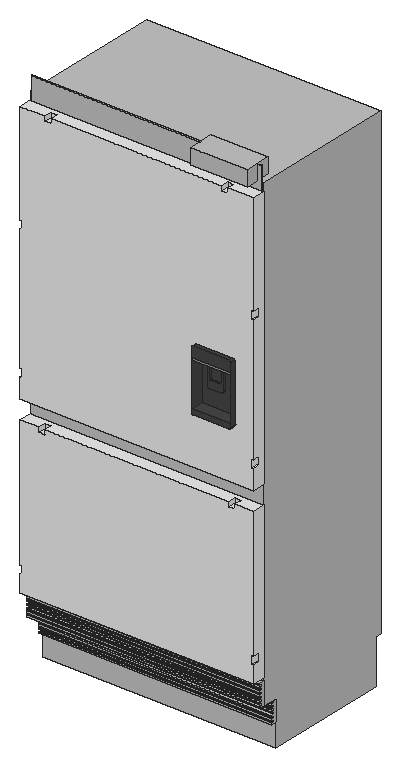
Revit family "FP_Revit_18_RS9120WRU1_Fridge_90001180A", category Specialty Equipment, Revit 2018
Family settings
  Round Connector Dimension = Use Diameter
  Part Type = Normal
  OmniClass Number = 23.40.40.11.11.17
  OmniClass Title = Refrigerator-Freezer
  Work Plane-Based = No
  Always vertical = Yes
  Cut with Voids When Loaded = Yes
  Shared = No
  Room Calculation Point = No
Parameters
  Visibility - Visibility Control Note = yes
  Visibility - Clearance Required = yes
  URL = "www.fisherpaykel.com"
  Stainless Steel Door Panels (RD9120WRU) = no
  Product - Width = 906 mm  # constant formula
  Product - Height = 2028 mm  # constant formula
  Product - Depth = 606 mm  # constant formula
  Model = "RS9120WRU1"
  Material - Door Structure = Fisher & Paykel - White
  Material - Door Front = Fisher & Paykel - Stainless Steel
  Material - Body = Fisher & Paykel - Grey
  Manufacturer = "Fisher & Paykel Appliances"
  Handle Style - Contemporary Square Fine Black (AHD5RD9120WB) = no
  Handle Style - Contemporary Square Fine (AHD5RD9120W) = no
  Handle Style - Contemporary Square (RS91W) = no
  Handle Style - Contemporary Round (25339 AHS-ASBI-B) = no
  Handle Offset = 870 mm  # constant formula
  Description = "91cm Integrated Refrigerator Freezer, Ice & Water"
  Connector Description - Water = "13mm or 19mm BSP threaded water connection 6.35mm tubing"
  Connector Description - Electrical = "230 V, 50Hz, 10 A, fused electrical supply"
  Chassis - Width = 890 mm  # constant formula
  Chassis - Height = 1970 mm  # constant formula
  Chassis - Depth = 606 mm  # constant formula
  Cavity - Width = 914 mm  # constant formula
  Cavity - Height = 2032 mm  # constant formula
  Cavity - Depth = 635 mm  # constant formula
Reference planes
  plane 1 "Datum": y = 0
  plane 2: z = 0
  plane 3 "Center (Left/Right)": x = 0
  plane 4 "Cavity - Depth": y = 635
  plane 5 "Product - Depth": y = 606
  plane 6 "Cavity - Height": z = 2032
  plane 7 "Door Panel 18mm": y = -18
  plane 8 "Product - RHS": x = 453
  plane 9 "Product - LHS": x = -453
  plane 10 "Product - Height": z = 2028
  plane 11 "Cavity - RHS": x = 457
  plane 12 "Cavity - LHS": x = -457
  plane 13 "Handle Offset": x = -388
Forms (mm)
  Extrusion 1, solid, material "Fisher & Paykel - Clearance Required", visible <- "Visibility - Clearance Required", detail levels coarse
    sketch origin (0, 0, 0) x (1, 0, 0) y (0, 1, 0)
      loop
        line (-457, 635) -> (-457, 0) -> (457, 0) -> (457, 635) -> (-457, 635)
    from 0 to 2032
  Extrusion 2, solid, material "Fisher & Paykel - Clearance Required", visible <- "Visibility - Clearance Required", detail levels coarse
    sketch origin (0, 0, 0) x (1, 0, 0) y (0, 1, 0)
      loop
        arc (-453, -18) -> (-45.989, -808.668) -> (841.563, -864.024) r 900.279
        line (841.563, -864.024) -> (817.765, -812.207) -> (854.623, -795.279) -> (848.228, -781.355) -> (811.37, -798.283) -> (453, -18) -> (-453, -18)
    from 877.998 to 2032
  Extrusion 3, solid, material "Fisher & Paykel - White" <- "Material - Door Structure"
    sketch origin (0, 0, 0) x (1, 0, 0) y (0, 0, 1)
      loop
        line (-445, 1939.998) -> (-445, 938.998) -> (445, 938.998) -> (445, 1939.998) -> (-445, 1939.998)
      loop
        line (-445, 867.998) -> (-445, 276.998) -> (445, 276.998) -> (445, 867.998) -> (-445, 867.998)
      loop
        arc (230.75, 1365.498) -> (225.093, 1363.155) -> (222.75, 1357.498) r 8
        line (222.75, 1357.498) -> (222.75, 1137.898)
        arc (222.75, 1137.898) -> (225.093, 1132.241) -> (230.75, 1129.898) r 8
        line (230.75, 1129.898) -> (365.25, 1129.898)
        arc (365.25, 1129.898) -> (370.907, 1132.241) -> (373.25, 1137.898) r 8
        line (373.25, 1137.898) -> (373.25, 1357.498)
        arc (373.25, 1357.498) -> (370.907, 1363.155) -> (365.25, 1365.498) r 8
        line (365.25, 1365.498) -> (230.75, 1365.498)
    from -50 to 0
  Extrusion 4, solid, material "Fisher & Paykel - Grey" <- "Material - Body"
    sketch origin (0, 0, 0) x (0, 1, 0) y (0, 0, 1)
      loop
        line (50, 181.998) -> (106, 181.998) -> (106, 12.998) -> (584, 12.998) -> (584, 181.998) -> (606, 181.998) -> (606, 1970) -> (50, 1970) -> (50, 181.998)
    from -445 to 445
  Extrusion 5, solid, material "Fisher & Paykel - Grey" <- "Material - Body", detail levels fine
    sketch origin (0, 0, 0) x (0, 1, 0) y (0, 0, 1)
      loop
        line (106, 176.998) -> (96, 176.998) -> (96, 170.998) -> (88, 170.998) -> (88, 165.998) -> (96, 165.998) -> (96, 157.998) -> (88, 157.998) -> (88, 152.998) -> (96, 152.998) -> (96, 144.998) -> (88, 144.998) -> (88, 139.998) -> (96, 139.998) -> (96, 131.998) -> (88, 131.998) -> (88, 126.998) -> (96, 126.998) -> (96, 118.998) -> (88, 118.998) -> (88, 113.998) -> (96, 113.998) -> (96, 105.998) -> (88, 105.998) -> (88, 100.998) -> (106, 100.998) -> (106, 176.998)
      loop
        line (32, 265.998) -> (32, 259.998) -> (40, 259.998) -> (40, 251.998) -> (32, 251.998) -> (32, 246.998) -> (40, 246.998) -> (40, 238.998) -> (32, 238.998) -> (32, 233.998) -> (40, 233.998) -> (40, 225.998) -> (32, 225.998) -> (32, 220.998) -> (40, 220.998) -> (40, 212.998) -> (32, 212.998) -> (32, 207.998) -> (40, 207.998) -> (40, 199.998) -> (32, 199.998) -> (32, 194.998) -> (40, 194.998) -> (40, 186.998) -> (32, 186.998) -> (32, 181.998) -> (50, 181.998) -> (50, 265.998) -> (32, 265.998)
    from -445 to 445
  Extrusion 6, void
    sketch origin (0, 0, 0) x (1, 0, 0) y (0, 0, 1)
      loop
        line (-373.5, 867.998) -> (-373.5, 851.998) -> (-350.5, 851.998) -> (-350.5, 867.998) -> (-373.5, 867.998)
      loop
        line (350.5, 867.998) -> (350.5, 851.998) -> (373.5, 851.998) -> (373.5, 867.998) -> (350.5, 867.998)
      loop
        line (445, 372.998) -> (437.8, 372.998) -> (437.8, 342.998) -> (445, 342.998) -> (445, 372.998)
      loop
        line (326.25, 1939.998) -> (326.25, 1923.398) -> (349.25, 1923.398) -> (349.25, 1939.998) -> (326.25, 1939.998)
      loop
        line (-349.25, 1939.998) -> (-349.25, 1923.398) -> (-326.184, 1923.398) -> (-326.184, 1939.998) -> (-349.25, 1939.998)
      loop
        line (445, 1522.498) -> (445, 1552.498) -> (437.8, 1552.498) -> (437.8, 1522.498) -> (445, 1522.498)
      loop
        line (437.8, 1044.998) -> (437.8, 1014.998) -> (445, 1014.998) -> (445, 1044.998) -> (437.8, 1044.998)
      loop
        line (-445, 372.998) -> (-445, 342.998) -> (-437.8, 342.998) -> (-437.8, 372.998) -> (-445, 372.998)
      loop
        line (-445, 1522.498) -> (-437.8, 1522.498) -> (-437.8, 1552.498) -> (-445, 1552.498) -> (-445, 1522.498)
      loop
        line (-437.8, 1044.998) -> (-445, 1044.998) -> (-445, 1014.998) -> (-437.8, 1014.998) -> (-437.8, 1044.998)
    from -27.955 to 0
  Extrusion 7, solid, material "Fisher & Paykel - Grey" <- "Material - Body", detail levels medium+fine
    sketch origin (0, 0, 0) x (1, 0, 0) y (0, 0, 1)
      loop
        line (205, 2027.998) -> (205, 1969.998) -> (422, 1969.998) -> (422, 2027.998) -> (205, 2027.998)
    from -98 to 0
  Extrusion 8, solid, material "Fisher & Paykel - Grey" <- "Material - Body", detail levels medium+fine
    sketch origin (0, 0, 0) x (1, 0, 0) y (0, 0, 1)
      loop
        line (439, 2027.998) -> (422, 2027.998) -> (422, 1969.998) -> (205, 1969.998) -> (205, 2027.998) -> (-439, 2027.998) -> (-439, 1939.998) -> (439, 1939.998) -> (439, 2027.998)
    from -48 to -46
  Extrusion 9, solid, material "Fisher & Paykel - Stainless Steel" <- "Material - Door Front", visible <- "Stainless Steel Door Panels (RD9120WRU)"
    sketch origin (0, 0, 0) x (1, 0, 0) y (0, 0, 1)
      loop
        line (-453, 2027.998) -> (-453, 877.998) -> (453, 877.998) -> (453, 2027.998) -> (-453, 2027.998)
      loop
        line (453, 873.998) -> (-453, 873.998) -> (-453, 101.998) -> (453, 101.998) -> (453, 873.998)
      loop
        arc (230.75, 1365.498) -> (225.093, 1363.155) -> (222.75, 1357.498) r 8
        line (222.75, 1357.498) -> (222.75, 1137.898)
        arc (222.75, 1137.898) -> (225.093, 1132.241) -> (230.75, 1129.898) r 8
        line (230.75, 1129.898) -> (365.25, 1129.898)
        arc (365.25, 1129.898) -> (370.907, 1132.241) -> (373.25, 1137.898) r 8
        line (373.25, 1137.898) -> (373.25, 1357.475)
        arc (373.25, 1357.475) -> (370.9, 1363.148) -> (365.227, 1365.498) r 8.023
        line (365.227, 1365.498) -> (230.75, 1365.498)
    from 0 to 18
  Extrusion 10, solid, material "Fisher & Paykel - Clearance Required", visible <- "Visibility - Clearance Required", detail levels coarse
    sketch origin (0, 0, 0) x (0, 1, 0) y (0, 0, 1)
      loop
        line (-18, 873.998) -> (-382, 873.998) -> (-382, 808.976) -> (-424, 808.976) -> (-424, 792.976) -> (-382, 792.976) -> (-382, 101.998) -> (-18, 101.998) -> (-18, 873.998)
    from -457 to 457
  Extrusion 11, solid, material "Fisher & Paykel - Grey" <- "Material - Body", detail levels medium+fine
    sketch origin (0, 0, 0) x (0, 1, 0) y (0, 0, 1)
      loop
        arc (115.288, 12.998) -> (136, 0) -> (156.712, 12.998) r 23.002
        line (156.712, 12.998) -> (115.288, 12.998)
      loop
        arc (518.288, 12.998) -> (539, 0) -> (559.712, 12.998) r 23.002
        line (559.712, 12.998) -> (518.288, 12.998)
    from 401.5 to 428.5
  Extrusion 12, solid, material "Fisher & Paykel - Grey" <- "Material - Body", detail levels medium+fine
    sketch origin (0, 0, 0) x (0, 1, 0) y (0, 0, -1)
      loop
        line (115.288, -12.998) -> (156.712, -12.998)
        arc (156.712, -12.998) -> (136, 0) -> (115.288, -12.998) r 23.002
      loop
        line (518.288, -12.998) -> (559.712, -12.998)
        arc (559.712, -12.998) -> (539, 0) -> (518.288, -12.998) r 23.002
    from 401.5 to 428.5
  Extrusion 13, solid, material "Fisher & Paykel - Grey" <- "Material - Body", detail levels medium+fine
    sketch origin (0, 0, 0) x (1, 0, 0) y (0, 0, 1)
      loop
        circle (300, 75) r 4
      loop
        circle (-300, 75) r 4
    from -606 to -584
  Extrusion 14, void
    sketch origin (0, 0, 0) x (1, 0, 0) y (0, 1, 0)
      loop
        line (-457, 0) -> (-457, -18) -> (457, -18) -> (457, 0) -> (-457, 0)
    from 0 to 2032
  Extrusion 15, void
    sketch origin (0, 0, 0) x (1, 0, 0) y (0, 1, 0)
      loop
        line (-457, 635) -> (-457, 0) -> (457, 0) -> (457, 635) -> (-457, 635)
    from 0 to 2032
Cuts and joins
  Extrusion 6 cuts Extrusion 2
  Extrusion 6 cuts Extrusion 3
Lines and regions (mm)
  model lines, style "Fisher & Paykel"
    curve 1: line (-453, 0, 2027.998) -> (453, 0, 2027.998)
    curve 2: line (-453, 0, 877.998) -> (-453, 0, 2027.998)
    curve 3: line (453, 0, 877.998) -> (-453, 0, 877.998)
    curve 4: line (453, 0, 2027.998) -> (453, 0, 877.998)
    curve 5: line (453, 0, 873.998) -> (-453, 0, 873.998)
    curve 6: line (453, 0, 101.998) -> (453, 0, 873.998)
    curve 7: line (-453, 0, 101.998) -> (453, 0, 101.998)
    curve 8: line (-453, 0, 873.998) -> (-453, 0, 101.998)
  model lines, style "Fisher & Paykel", not visible
    curve 9: line (-453, 0, 2027.998) -> (453, 0, 2027.998)
    curve 10: line (-453, 0, 877.998) -> (-453, 0, 2027.998)
    curve 11: line (453, 0, 877.998) -> (-453, 0, 877.998)
    curve 12: line (453, 0, 2027.998) -> (453, 0, 877.998)
    curve 13: line (453, 0, 873.998) -> (-453, 0, 873.998)
    curve 14: line (453, 0, 101.998) -> (453, 0, 873.998)
    curve 15: line (-453, 0, 101.998) -> (453, 0, 101.998)
    curve 16: line (-453, 0, 873.998) -> (-453, 0, 101.998)
Text (mm)
  text "Due to ongoing product development, product details are subject to change without notice. \nPlease always refer to www.fisherpaykel.com for the most current product information. \n© Fisher & Paykel 2020" at (41.04, -623.295, 0), in view "Ref. Level (Plan)"
Dimensions and locks
  "Chassis - Width": Extrusion 4 to Extrusion 4
  equal spacing: plane 9 "Product - LHS", plane 3 "Center (Left/Right)", plane 8 "Product - RHS"
  "Product - Width": plane 9 "Product - LHS" to plane 8 "Product - RHS"
  "Cavity - Height": plane 6 "Cavity - Height" to level
  "Product - Height": plane 10 "Product - Height" to level
  equal spacing: plane 12 "Cavity - LHS", plane 3 "Center (Left/Right)", plane 11 "Cavity - RHS"
  "Cavity - Width": plane 12 "Cavity - LHS" to plane 11 "Cavity - RHS"
  "Chassis - Depth": plane 5 "Product - Depth" to plane 1 "Datum"
  "Cavity - Depth": plane 4 "Cavity - Depth" to plane 1 "Datum"
  plane 5 "Product - Depth" to plane 7 "Door Panel 18mm" = 624 mm
  locked: plane 7 "Door Panel 18mm" to plane 1 "Datum" at 18
  plane 13 "Handle Offset" to plane 9 "Product - LHS" = 65 mm
  "Chassis - Height": Extrusion 4 to level
  aligned and locked: level to plane 2
  aligned and locked: plane 6 "Cavity - Height" to Extrusion 1
  aligned and locked: Extrusion 8 sketch curve to Extrusion 8 sketch curve
Automatic sketch dimensions
  plane 1 "Datum" to Extrusion 1 sketch curve = 0 mm
  Extrusion 1 sketch curve to plane 12 "Cavity - LHS" = 0 mm
  Extrusion 1 sketch curve to plane 11 "Cavity - RHS" = 0 mm
  Extrusion 1 sketch curve to plane 4 "Cavity - Depth" = 0 mm
  Extrusion 2 sketch curve to plane 7 "Door Panel 18mm" = 0 mm
  plane 9 "Product - LHS" to Extrusion 2 sketch curve = 0 mm
  Extrusion 2 sketch curve to plane 8 "Product - RHS" = 6.483 mm
  plane 8 "Product - RHS" to Extrusion 2 sketch curve = 0 mm
  plane 11 "Cavity - RHS" to Extrusion 2 sketch curve = 354.37 mm
  Extrusion 2 sketch curve to Extrusion 2 sketch curve = 6.395 mm  (x2)
  Extrusion 2 sketch curve to Extrusion 2 sketch curve = 23.799 mm
  Extrusion 2 sketch curve to Extrusion 2 sketch curve = 36.858 mm
  Extrusion 2 sketch curve to plane 7 "Door Panel 18mm" = 37.049 mm
  Extrusion 3 sketch curve to plane 9 "Product - LHS" = 8 mm  (x2)
  plane 3 "Center (Left/Right)" to Extrusion 3 sketch curve = 222.75 mm
  Extrusion 3 sketch curve to Extrusion 3 sketch curve = 8 mm  (x3)
  Extrusion 3 sketch curve to plane 8 "Product - RHS" = 87.75 mm  (x2)
  Extrusion 3 sketch curve to plane 8 "Product - RHS" = 8 mm  (x2)
  level to Extrusion 3 sketch curve = 276.998 mm
  Extrusion 3 sketch curve to Extrusion 3 sketch curve = 591 mm
  Extrusion 3 sketch curve to Extrusion 3 sketch curve = 71 mm
  Extrusion 3 sketch curve to Extrusion 3 sketch curve = 190.9 mm
  Extrusion 3 sketch curve to Extrusion 3 sketch curve = 219.6 mm
  Extrusion 3 sketch curve to plane 10 "Product - Height" = 88.002 mm
  Extrusion 4 sketch curve to plane 5 "Product - Depth" = 0 mm
  Extrusion 4 sketch curve to plane 5 "Product - Depth" = 22 mm
  level to Extrusion 4 sketch curve = 12.998 mm
  Extrusion 4 sketch curve to plane 1 "Datum" = 106 mm
  Extrusion 4 sketch curve to plane 1 "Datum" = 50 mm
  Extrusion 4 sketch curve to Extrusion 4 sketch curve = 169 mm  (x2)
  Extrusion 4 sketch curve to plane 10 "Product - Height" = 58 mm
  Extrusion 5 sketch curve to plane 1 "Datum" = 32 mm  (x2)
  Extrusion 5 sketch curve to Extrusion 5 sketch curve = 0 mm  (x19)
  Extrusion 5 sketch curve to Extrusion 5 sketch curve = 8 mm  (x14)
  Extrusion 5 sketch curve to Extrusion 5 sketch curve = 10 mm  (x2)
  Extrusion 5 sketch curve to Extrusion 5 sketch curve = 38 mm
  level to Extrusion 5 sketch curve = 100.998 mm
  Extrusion 5 sketch curve to Extrusion 5 sketch curve = 5 mm  (x12)
  Extrusion 5 sketch curve to Extrusion 5 sketch curve = 6 mm  (x2)
  Extrusion 5 sketch curve to Extrusion 5 sketch curve = 11 mm
  Extrusion 6 sketch curve to plane 9 "Product - LHS" = 8 mm  (x3)
  Extrusion 6 sketch curve to Extrusion 6 sketch curve = 7.2 mm  (x6)
  plane 13 "Handle Offset" to Extrusion 6 sketch curve = 14.5 mm
  Extrusion 6 sketch curve to Extrusion 6 sketch curve = 23 mm  (x3)
  plane 13 "Handle Offset" to Extrusion 6 sketch curve = 38.75 mm
  Extrusion 6 sketch curve to Extrusion 6 sketch curve = 23.066 mm
  Extrusion 6 sketch curve to plane 8 "Product - RHS" = 126.75 mm
  Extrusion 6 sketch curve to plane 8 "Product - RHS" = 102.5 mm
  Extrusion 6 sketch curve to plane 8 "Product - RHS" = 15.2 mm  (x3)
  level to Extrusion 6 sketch curve = 342.998 mm  (x2)
  Extrusion 6 sketch curve to Extrusion 6 sketch curve = 30 mm  (x6)
  Extrusion 6 sketch curve to Extrusion 6 sketch curve = 479 mm  (x2)
  Extrusion 6 sketch curve to Extrusion 6 sketch curve = 16 mm  (x2)
  Extrusion 6 sketch curve to Extrusion 6 sketch curve = 147 mm  (x2)
  Extrusion 6 sketch curve to Extrusion 6 sketch curve = 477.5 mm  (x2)
  Extrusion 6 sketch curve to plane 10 "Product - Height" = 104.602 mm  (x2)
  Extrusion 6 sketch curve to Extrusion 6 sketch curve = 16.6 mm  (x2)
  Extrusion 7 sketch curve to plane 10 "Product - Height" = 58.002 mm
  plane 3 "Center (Left/Right)" to Extrusion 7 sketch curve = 205 mm
  Extrusion 7 sketch curve to plane 8 "Product - RHS" = 31 mm
  Extrusion 7 sketch curve to plane 10 "Product - Height" = 0.002 mm
  Extrusion 8 sketch curve to plane 9 "Product - LHS" = 14 mm
  Extrusion 8 sketch curve to plane 10 "Product - Height" = 0.002 mm
  plane 3 "Center (Left/Right)" to Extrusion 8 sketch curve = 205 mm
  Extrusion 8 sketch curve to plane 8 "Product - RHS" = 31 mm
  Extrusion 8 sketch curve to plane 8 "Product - RHS" = 14 mm
  Extrusion 8 sketch curve to Extrusion 8 sketch curve = 58 mm
  Extrusion 8 sketch curve to Extrusion 8 sketch curve = 88 mm
  plane 9 "Product - LHS" to Extrusion 9 sketch curve = 0 mm  (x2)
  plane 3 "Center (Left/Right)" to Extrusion 9 sketch curve = 222.75 mm
  Extrusion 9 sketch curve to Extrusion 9 sketch curve = 8 mm  (x3)
  Extrusion 9 sketch curve to plane 8 "Product - RHS" = 87.773 mm
  Extrusion 9 sketch curve to plane 8 "Product - RHS" = 87.75 mm
  plane 8 "Product - RHS" to Extrusion 9 sketch curve = 0 mm  (x2)
  level to Extrusion 9 sketch curve = 101.998 mm
  Extrusion 9 sketch curve to Extrusion 9 sketch curve = 772 mm
  Extrusion 9 sketch curve to Extrusion 9 sketch curve = 4 mm
  Extrusion 9 sketch curve to Extrusion 9 sketch curve = 251.9 mm
  Extrusion 9 sketch curve to Extrusion 9 sketch curve = 219.577 mm
  Extrusion 9 sketch curve to plane 10 "Product - Height" = 0.002 mm
  Extrusion 10 sketch curve to plane 7 "Door Panel 18mm" = 0 mm
  Extrusion 10 sketch curve to Extrusion 10 sketch curve = 364 mm
  Extrusion 10 sketch curve to Extrusion 10 sketch curve = 0 mm
  Extrusion 10 sketch curve to Extrusion 10 sketch curve = 42 mm
  level to Extrusion 10 sketch curve = 101.998 mm
  Extrusion 10 sketch curve to Extrusion 10 sketch curve = 690.978 mm
  Extrusion 10 sketch curve to Extrusion 10 sketch curve = 16 mm
  Extrusion 10 sketch curve to Extrusion 10 sketch curve = 65.022 mm
  level to Extrusion 11 sketch curve = 12.998 mm  (x2)
  Extrusion 11 sketch curve to plane 1 "Datum" = 115.288 mm
  Extrusion 11 sketch curve to Extrusion 11 sketch curve = 20.712 mm  (x2)
  Extrusion 11 sketch curve to plane 5 "Product - Depth" = 87.712 mm
  level to Extrusion 11 sketch curve = 23.002 mm  (x2)
  level to Extrusion 12 sketch curve = 12.998 mm  (x2)
  Extrusion 12 sketch curve to plane 1 "Datum" = 115.288 mm
  Extrusion 12 sketch curve to Extrusion 12 sketch curve = 20.712 mm  (x2)
  Extrusion 12 sketch curve to plane 5 "Product - Depth" = 87.712 mm
  level to Extrusion 12 sketch curve = 23.002 mm  (x2)
  plane 13 "Handle Offset" to Extrusion 13 sketch curve = 88 mm
  level to Extrusion 13 sketch curve = 75 mm  (x2)
  Extrusion 13 sketch curve to plane 8 "Product - RHS" = 153 mm
  Extrusion 14 sketch curve to plane 7 "Door Panel 18mm" = 0 mm
  Extrusion 14 sketch curve to plane 12 "Cavity - LHS" = 0 mm
  Extrusion 14 sketch curve to plane 11 "Cavity - RHS" = 0 mm
  plane 1 "Datum" to Extrusion 14 sketch curve = 0 mm
  plane 1 "Datum" to Extrusion 15 sketch curve = 0 mm
  Extrusion 15 sketch curve to plane 12 "Cavity - LHS" = 0 mm
  Extrusion 15 sketch curve to plane 11 "Cavity - RHS" = 0 mm
  Extrusion 15 sketch curve to plane 4 "Cavity - Depth" = 0 mm
  radius of Extrusion 13 sketch curve = 4 mm  (x2)
Nested families
  nested 1: "F&P Handle Kit - Contemporary Square - Horizontal" at (0, -18, 800.998), visible <- "Handle Style - Contemporary Square (RS91W)", type "RS91W - Contemporary square handle (2 of 2) (Horizontal) 727mm"
  nested 2: "F&P Handle Kit - Contemporary Square - Vertical" at (-388.02, -18, 1306.498), visible <- "Handle Style - Contemporary Square (RS91W)", type "RS91W - Contemporary square handle (1 of 2) (Vertical) 727mm"
  nested 3: "F&P Handle Kit - Contemporary Square Fine - Horizontal" at (0, -18, 801.002), visible <- "Handle Style - Contemporary Square Fine (AHD5RD9120W)", type "AHD5RD9120W - Contemporary square fine handle (2 of 2) (Horizontal) 746mm"
  nested 4: "F&P Handle Kit - Contemporary Square Fine - Vertical" at (-388.02, -18, 1306.498), visible <- "Handle Style - Contemporary Square Fine (AHD5RD9120W)", type "AHD5RD9120W - Contemporary square fine handle (1 of 2) (Vertical) 727mm"
  nested 5: "F&P Handle Kit - Contemporary Square Fine - Horizontal" at (0, -18, 801.002), visible <- "Handle Style - Contemporary Square Fine Black (AHD5RD9120WB)", type "AHD5RD9120WB - Contemporary square fine handle (2 of 2) (Horizontal) 746mm"
  nested 6: "F&P Handle Kit - Contemporary Square Fine - Vertical" at (-388.02, -18, 1306.498), visible <- "Handle Style - Contemporary Square Fine Black (AHD5RD9120WB)", type "AHD5RD9120WB - Contemporary square fine handle (1 of 2) (Vertical) 727mm"
  nested 7: "F&P Handle Kit - Contemporary Round - Horizontal" at (0, -18, 801.002), visible <- "Handle Style - Contemporary Round (25339 AHS-ASBI-B)", type "25339 AHS-ASBI-B - Contemporary round handle (2 of 2) (Horizontal) 746mm"
  nested 8: "F&P Handle Kit - Contemporary Round - Vertical" at (-388.02, -18, 1306.498), visible <- "Handle Style - Contemporary Round (25339 AHS-ASBI-B)", type "25339 AHS-ASBI-B - Contemporary round handle (1 of 2) (Vertical) 727mm"
  nested 9: "F&P Water Dispenser" at (298, -18, 1129.898), type "F&P Water Dispenser"
  nested 10: "Visibility Control Note 18" at (0, 0, 0), visible <- "Visibility - Visibility Control Note", type "Visibility Control Note 18"
Connectors
  electrical at (300, 606, 75), driven by "Connector Description - Electrical"
    settings: on Extrusion 13, index 1, voltage 230 V, apparent load 0 VA, apparent load phase1 0 VA, apparent load phase2 0 VA, apparent load phase3 0 VA, power factor 1, load classification "Other", number of poles 1, system type 30, power factor state 1, is connector primary yes, connector utility no, sub classification motor no, connector description "230 V, 50Hz, 10 A, fused electrical supply"
  piping at (-300, 606, 75), diameter 6, driven by "Connector Description - Water"
    settings: on Extrusion 13, index 2, connector inside diameter 609.6 mm, connector length 0 mm, flow factor 0, pipe flow 0.0 L/s, pressure drop 0.0 Pa, fitting loss kfactor 0, connector angle 0.00°, fixture units 0, engagement length 0 mm, angle of deflection 0.00°, flow configuration 0, flow direction 1, fitting loss method 0, system type 20, joint type 0, gender type 0, connector reference index -1, connector utility 0, adjustable connector no, is connector primary yes, connector description "13mm or 19mm BSP threaded water connection 6.35mm tubing"
Definition of nested family "F&P Handle Kit - Contemporary Square - Horizontal"
  Parameters (values of type "RS91W - Contemporary square handle (2 of 2) (Horizontal) 727mm")
    URL = "www.fisherpaykel.com"
    Material - Handle = none
    Manufacturer = "Fisher & Paykel Appliances"
    Handle - Length = 727 mm
  Types (12, lengths in mm): name | Handle - Length
    (no name) | 727
    AHD3RD2484W - Contemporary square handle (2 of 2) (Horizontal) 494mm | 494
    AHD3RD3084W - Contemporary square handle (2 of 2) (Horizontal) 646mm | 646
    AHD3RS3272A - Contemporary square handle (2 of 2) (Horizontal) 646mm | 646
    AHD3RS80A - Contemporary square handle (2 of 2) (Horizontal) 646mm | 646
    AHD3RD6121W - Contemporary square handle (2 of 2) (Horizontal) 494mm | 494
    AHD3RD7621W - Contemporary square handle (2 of 2) (Horizontal) 646mm | 646
    RS36A - Contemporary square handle (2 of 2) (Horizontal) 746mm | 746
    RS90A - Contemporary square handle (2 of 2) (Horizontal) 746mm | 746
    RS36W - Contemporary square handle (2 of 2) (Horizontal) 727mm | 727
    RS36WC - Contemporary square handle (2 of 2) (Horizontal) 727mm | 727
    RS91W - Contemporary square handle (2 of 2) (Horizontal) 727mm | 727
  Reference planes
    plane 1 "Center (Front/Back)": y = 0
    plane 2: z = 0
    plane 3 "Center (Left/Right)": x = 0
    plane 4 "Product LHS": x = -363.5
    plane 5 "Product RHS": x = 363.5
    plane 6 "LHS Standoff": x = -243.495
    plane 7 "RHS Standoff": x = 243.505
  Forms (mm)
    Extrusion 1, solid, material <- "Material - Handle", detail levels fine
      sketch origin (0, 0, 0) x (0, 1, 0) y (0, 0, 1)
        loop
          arc (-28.701, 7.561) -> (-29.057, 7.868) -> (-29.514, 7.978) r 1
          line (-29.514, 7.978) -> (-40.5, 7.978)
          arc (-40.5, 7.978) -> (-41.561, 7.539) -> (-42, 6.478) r 1.5
          line (-42, 6.478) -> (-42, -6.522)
          arc (-42, -6.522) -> (-41.561, -7.583) -> (-40.5, -8.022) r 1.5
          line (-40.5, -8.022) -> (-29.487, -8.022)
          arc (-29.487, -8.022) -> (-29.029, -7.911) -> (-28.673, -7.602) r 1
          arc (-28.673, -7.602) -> (-26.256, -0.016) -> (-28.701, 7.561) r 13.038
      from -363.5 to 363.5
    Extrusion 2, solid, material <- "Material - Handle", detail levels fine
      sketch origin (0, 0, 0) x (0, 1, 0) y (0, 0, 1)
        loop
          arc (-28.23, 7.062) -> (-26.156, 0.008) -> (-28.198, -7.056) r 13.136
          arc (-28.198, -7.056) -> (-28.21, -7.463) -> (-27.86, -7.67) r 0.4
          line (-27.86, -7.67) -> (0, -7.67) -> (0, 7.678) -> (-27.893, 7.678)
          arc (-27.893, 7.678) -> (-28.244, 7.47) -> (-28.23, 7.062) r 0.4
      from 243.505 to 363.5
    Extrusion 3, solid, material <- "Material - Handle", detail levels fine
      sketch origin (0, 0, 0) x (0, 1, 0) y (0, 0, -1)
        loop
          arc (-28.23, -7.062) -> (-28.244, -7.47) -> (-27.893, -7.678) r 0.4
          line (-27.893, -7.678) -> (0, -7.678) -> (0, 7.67) -> (-27.86, 7.67)
          arc (-27.86, 7.67) -> (-28.21, 7.463) -> (-28.198, 7.056) r 0.4
          arc (-28.198, 7.056) -> (-26.156, -0.008) -> (-28.23, -7.062) r 13.136
      from 243.495 to 363.5
    Sweep 4, void
      path in 3D
        loop
          line (363.5, -29.514, 7.978) -> (363.5, -40.5, 7.978)
          arc (363.5, -40.5, 7.978) -> (363.5, -41.561, 7.539) -> (363.5, -42, 6.478) r 1.5
          line (363.5, -42, 6.478) -> (363.5, -42, -6.522)
          arc (363.5, -42, -6.522) -> (363.5, -41.561, -7.583) -> (363.5, -40.5, -8.022) r 1.5
          line (363.5, -40.5, -8.022) -> (363.5, -29.487, -8.022)
      profile origin (363.5, -35.007, 7.978) x (1, 0, 0) y (0, 0, 1)
        loop
          line (0, 0) -> (-1.3, 0) -> (0, -1.3) -> (0, 0)
    Sweep 5, void
      path in 3D
        loop
          line (-363.5, -29.487, -8.022) -> (-363.5, -40.5, -8.022)
          arc (-363.5, -40.5, -8.022) -> (-363.5, -41.561, -7.583) -> (-363.5, -42, -6.522) r 1.5
          line (-363.5, -42, -6.522) -> (-363.5, -42, 6.478)
          arc (-363.5, -42, 6.478) -> (-363.5, -41.561, 7.539) -> (-363.5, -40.5, 7.978) r 1.5
          line (-363.5, -40.5, 7.978) -> (-363.5, -29.514, 7.978)
      profile origin (-363.5, -35.007, 7.978) x (-1, 0, 0) y (0, 0, 1)
        loop
          line (0, 0) -> (-1.3, 0) -> (0, -1.3) -> (0, 0)
    Extrusion 6, void
      sketch origin (0, 0, 0) x (1, 0, 0) y (0, 0, 1)
        loop
          line (363.5, 7.978) -> (362.2, 7.978) -> (363.5, 6.678) -> (363.5, 7.978)
        loop
          line (363.5, -8.022) -> (363.5, -6.722) -> (362.2, -8.022) -> (363.5, -8.022)
      from 0 to 40
    Extrusion 7, void
      sketch origin (0, 0, 0) x (1, 0, 0) y (0, 0, 1)
        loop
          line (-363.5, 7.978) -> (-363.5, 6.678) -> (-362.2, 7.978) -> (-363.5, 7.978)
        loop
          line (-363.5, -8.022) -> (-362.2, -8.022) -> (-363.5, -6.722) -> (-363.5, -8.022)
      from 0 to 40
    Extrusion 8, solid, material <- "Material - Handle", detail levels coarse+medium
      sketch origin (0, 0, 0) x (1, 0, 0) y (0, 1, 0)
        loop
          line (-363.5, -42) -> (363.5, -42) -> (363.5, 0) -> (243.505, 0) -> (243.505, -26.156) -> (-243.495, -26.156) -> (-243.495, 0) -> (-363.5, 0) -> (-363.5, -42)
      from -8.022 to 7.978
  Cuts and joins
    Sweep 4, Sweep 5, Extrusion 6, Extrusion 7 cuts Extrusion 1
    Extrusion 6 cuts Extrusion 2
    Extrusion 7 cuts Extrusion 3
  Lines and regions (mm)
    sketch lines
      curve 1: line (363.5, -29.514, 7.978) -> (363.5, -40.5, 7.978)
      curve 2: arc (363.5, -42, 6.478) -> (363.5, -41.561, 7.539) -> (363.5, -40.5, 7.978) r 1.5
      curve 3: line (363.5, -42, 6.478) -> (363.5, -42, -6.522)
      curve 4: arc (363.5, -40.5, -8.022) -> (363.5, -41.561, -7.583) -> (363.5, -42, -6.522) r 1.5
      curve 5: line (363.5, -40.5, -8.022) -> (363.5, -29.487, -8.022)
      curve 6: line (-363.5, -40.5, 7.978) -> (-363.5, -29.514, 7.978)
      curve 7: arc (-363.5, -40.5, 7.978) -> (-363.5, -41.561, 7.539) -> (-363.5, -42, 6.478) r 1.5
      curve 8: line (-363.5, -42, -6.522) -> (-363.5, -42, 6.478)
      curve 9: arc (-363.5, -42, -6.522) -> (-363.5, -41.561, -7.583) -> (-363.5, -40.5, -8.022) r 1.5
      curve 10: line (-363.5, -29.487, -8.022) -> (-363.5, -40.5, -8.022)
  Dimensions and locks
    equal spacing: plane 4 "Product LHS", plane 3 "Center (Left/Right)", plane 5 "Product RHS"
    "Handle - Length": plane 4 "Product LHS" to plane 5 "Product RHS"
    locked: plane 4 "Product LHS" to plane 6 "LHS Standoff" at 120.005
    locked: plane 7 "RHS Standoff" to plane 5 "Product RHS" at 119.995
    aligned and locked: level to plane 2
    aligned and locked: Extrusion 1 to plane 5 "Product RHS"
    aligned and locked: plane 4 "Product LHS" to Extrusion 1
    aligned and locked: Extrusion 2 to plane 5 "Product RHS"
    aligned and locked: plane 4 "Product LHS" to Extrusion 3
    aligned and locked: plane 4 "Product LHS" to Extrusion 8 sketch curve
    aligned and locked: Extrusion 8 sketch curve to plane 5 "Product RHS"
    aligned and locked: Extrusion 8 sketch curve to plane 7 "RHS Standoff"
    aligned and locked: plane 6 "LHS Standoff" to Extrusion 8 sketch curve
    aligned and locked: Extrusion 2 to plane 7 "RHS Standoff"
    aligned and locked: plane 6 "LHS Standoff" to Extrusion 3
  Automatic sketch dimensions
    Extrusion 1 sketch curve to level = 6.522 mm
    plane 1 "Center (Front/Back)" to Extrusion 1 sketch curve = 42 mm
    Extrusion 1 sketch curve to Extrusion 1 sketch curve = 1.5 mm  (x2)
    Extrusion 1 sketch curve to level = 0.04 mm
    Extrusion 1 sketch curve to Extrusion 1 sketch curve = 1.206 mm
    level to Extrusion 1 sketch curve = 6.978 mm
    Extrusion 1 sketch curve to Extrusion 1 sketch curve = 10.986 mm
    Extrusion 1 sketch curve to Extrusion 1 sketch curve = 11.013 mm
    Extrusion 1 sketch curve to Extrusion 1 sketch curve = 1 mm
    level to Extrusion 1 sketch curve = 6.478 mm
    Extrusion 1 sketch curve to Extrusion 1 sketch curve = 0 mm
    Extrusion 2 sketch curve to plane 1 "Center (Front/Back)" = 0 mm
    Extrusion 2 sketch curve to level = 7.67 mm
    Extrusion 2 sketch curve to Extrusion 2 sketch curve = 27.86 mm
    level to Extrusion 2 sketch curve = 7.678 mm
    Extrusion 2 sketch curve to Extrusion 2 sketch curve = 0.033 mm
    Extrusion 2 sketch curve to level = 0.022 mm
    Extrusion 2 sketch curve to Extrusion 2 sketch curve = 11.398 mm
    Extrusion 2 sketch curve to Extrusion 2 sketch curve = 0.4 mm  (x2)
    Extrusion 2 sketch curve to Extrusion 2 sketch curve = 0 mm
    Extrusion 3 sketch curve to plane 1 "Center (Front/Back)" = 0 mm
    Extrusion 3 sketch curve to level = 7.67 mm
    Extrusion 3 sketch curve to Extrusion 3 sketch curve = 27.86 mm
    level to Extrusion 3 sketch curve = 7.678 mm
    Extrusion 3 sketch curve to Extrusion 3 sketch curve = 0.033 mm
    Extrusion 3 sketch curve to level = 0.022 mm
    Extrusion 3 sketch curve to Extrusion 3 sketch curve = 11.398 mm
    Extrusion 3 sketch curve to Extrusion 3 sketch curve = 0.4 mm  (x2)
    Extrusion 3 sketch curve to Extrusion 3 sketch curve = 0 mm
    profile plane to Sweep 4 sketch curve = 0 mm
    Sweep 4 sketch curve to profile plane = 0 mm
    Sweep 4 sketch curve to profile plane = 1.3 mm
    profile plane to Sweep 4 sketch curve = 1.3 mm
    Sweep 5 sketch curve to profile plane = 0 mm  (x2)
    profile plane to Sweep 5 sketch curve = 1.3 mm
    Sweep 5 sketch curve to profile plane = 1.3 mm
    plane 5 "Product RHS" to Extrusion 6 sketch curve = 0 mm  (x2)
    Extrusion 6 sketch curve to Extrusion 6 sketch curve = 1.3 mm  (x4)
    Extrusion 6 sketch curve to level = 6.722 mm
    level to Extrusion 6 sketch curve = 6.678 mm
    plane 4 "Product LHS" to Extrusion 7 sketch curve = 0 mm  (x2)
    Extrusion 7 sketch curve to plane 4 "Product LHS" = 1.3 mm  (x2)
    Extrusion 7 sketch curve to level = 8.022 mm
    level to Extrusion 7 sketch curve = 6.678 mm
    Extrusion 7 sketch curve to Extrusion 7 sketch curve = 1.3 mm  (x2)
    plane 1 "Center (Front/Back)" to Extrusion 8 sketch curve = 0 mm  (x2)
    Extrusion 8 sketch curve to Extrusion 8 sketch curve = 26.156 mm
    Extrusion 8 sketch curve to Extrusion 8 sketch curve = 42 mm
Definition of nested family "F&P Handle Kit - Contemporary Square - Vertical"
  Parameters (values of type "RS91W - Contemporary square handle (1 of 2) (Vertical) 727mm")
    URL = "www.fisherpaykel.com"
    Material - Handle = none
    Manufacturer = "Fisher & Paykel Appliances"
    Handle - Length = 727 mm
  Types (14, lengths in mm): name | Handle - Length
    (no name) | 727
    AHD3-RD21 - Contemporary square handle (Vertical) 852mm | 852
    AHD3RD2484W - Contemporary square handle (1 of 2) (Vertical) 727mm | 727
    AHD3RD3084W - Contemporary square handle (1 of 2) (Vertical) 727mm | 727
    AHD3-RD84 - Contemporary square handle (Vertical) 852mm | 852
    AHD3RS3272A - Contemporary square handle (1 of 2) (Vertical) 727mm | 727
    AHD3RS80A - Contemporary square handle (1 of 2) (Vertical) 727mm | 727
    AHD3RD6121W - Contemporary square handle (1 of 2) (Vertical) 727mm | 727
    AHD3RD7621W - Contemporary square handle (1 of 2) (Vertical) 727mm | 727
    RS36A - Contemporary square handle (1 of 2) (Vertical) 727mm | 727
    RS90A - Contemporary square handle (1 of 2) (Vertical) 727mm | 727
    RS36W - Contemporary square handle (1 of 2) (Vertical) 727mm | 727
    RS36WC - Contemporary square handle (1 of 2) (Vertical) 727mm | 727
    RS91W - Contemporary square handle (1 of 2) (Vertical) 727mm | 727
  Reference planes
    plane 1 "Center (Front/Back)": y = 0
    plane 2: z = 0
    plane 3 "Center (Left/Right)": x = 0
    plane 4 "Top": z = 363.5
    plane 5 "Bottom": z = -363.5
    plane 6 "Top Standoff": z = 243.5
    plane 7 "Bottom Standoff": z = -243.5
  Forms (mm)
    Extrusion 1, solid, material <- "Material - Handle", detail levels fine
      sketch origin (0, 0, 0) x (1, 0, 0) y (0, 1, 0)
        loop
          arc (-7.583, -28.701) -> (-7.89, -29.057) -> (-8, -29.514) r 1
          line (-8, -29.514) -> (-8, -40.5)
          arc (-8, -40.5) -> (-7.561, -41.561) -> (-6.5, -42) r 1.5
          line (-6.5, -42) -> (6.5, -42)
          arc (6.5, -42) -> (7.561, -41.561) -> (8, -40.5) r 1.5
          line (8, -40.5) -> (8, -29.487)
          arc (8, -29.487) -> (7.889, -29.029) -> (7.58, -28.673) r 1
          arc (7.58, -28.673) -> (-0.006, -26.256) -> (-7.583, -28.701) r 13.038
      from -363.5 to 363.5
    Extrusion 2, solid, material <- "Material - Handle", detail levels fine
      sketch origin (0, 0, 0) x (1, 0, 0) y (0, 1, 0)
        loop
          arc (7.058, -28.23) -> (7.466, -28.244) -> (7.674, -27.893) r 0.4
          line (7.674, -27.893) -> (7.674, 0) -> (-7.674, 0) -> (-7.674, -27.86)
          arc (-7.674, -27.86) -> (-7.467, -28.21) -> (-7.06, -28.198) r 0.4
          arc (-7.06, -28.198) -> (0.004, -26.156) -> (7.058, -28.23) r 13.136
      from 243.5 to 363.5
    Extrusion 3, solid, material <- "Material - Handle", detail levels fine
      sketch origin (0, 0, 0) x (1, 0, 0) y (0, 1, 0)
        loop
          arc (7.058, -28.23) -> (7.466, -28.244) -> (7.674, -27.893) r 0.4
          line (7.674, -27.893) -> (7.674, 0) -> (-7.674, 0) -> (-7.674, -27.86)
          arc (-7.674, -27.86) -> (-7.467, -28.21) -> (-7.06, -28.198) r 0.4
          arc (-7.06, -28.198) -> (0.004, -26.156) -> (7.058, -28.23) r 13.136
      from -363.5 to -243.5
    Sweep 4, void
      path in 3D
        loop
          line (-8, -29.514, 363.5) -> (-8, -40.5, 363.5)
          arc (-8, -40.5, 363.5) -> (-7.561, -41.561, 363.5) -> (-6.5, -42, 363.5) r 1.5
          line (-6.5, -42, 363.5) -> (6.5, -42, 363.5)
          arc (6.5, -42, 363.5) -> (7.561, -41.561, 363.5) -> (8, -40.5, 363.5) r 1.5
          line (8, -40.5, 363.5) -> (8, -29.487, 363.5)
      profile origin (8, -34.994, 363.5) x (-1, 0, 0) y (0, 0, 1)
        loop
          line (0, 0) -> (0, -1.3) -> (1.3, 0) -> (0, 0)
    Sweep 5, void
      path in 3D
        loop
          line (8, -29.487, -363.5) -> (8, -40.5, -363.5)
          arc (8, -40.5, -363.5) -> (7.561, -41.561, -363.5) -> (6.5, -42, -363.5) r 1.5
          line (6.5, -42, -363.5) -> (-6.5, -42, -363.5)
          arc (-6.5, -42, -363.5) -> (-7.561, -41.561, -363.5) -> (-8, -40.5, -363.5) r 1.5
          line (-8, -40.5, -363.5) -> (-8, -29.514, -363.5)
      profile origin (8, -34.994, -363.5) x (-1, 0, 0) y (0, 0, -1)
        loop
          line (0, 0) -> (0, -1.3) -> (1.3, 0) -> (0, 0)
    Extrusion 6, void
      sketch origin (0, 0, 0) x (1, 0, 0) y (0, 0, 1)
        loop
          line (-8, -362.2) -> (-8, -363.5) -> (-6.7, -363.5) -> (-8, -362.2)
        loop
          line (8, -362.2) -> (6.7, -363.5) -> (8, -363.5) -> (8, -362.2)
      from 0 to 40
    Extrusion 7, void
      sketch origin (0, 0, 0) x (1, 0, 0) y (0, 0, 1)
        loop
          line (-8, 363.5) -> (-8, 362.2) -> (-6.7, 363.5) -> (-8, 363.5)
        loop
          line (8, 363.5) -> (6.7, 363.5) -> (8, 362.2) -> (8, 363.5)
      from 0 to 40
    Extrusion 8, solid, material <- "Material - Handle", detail levels coarse+medium
      sketch origin (0, 0, 0) x (0, 1, 0) y (0, 0, 1)
        loop
          line (0, 363.5) -> (-42, 363.5) -> (-42, -363.5) -> (0, -363.5) -> (0, -243.5) -> (-26.245, -243.5) -> (-26.245, 243.5) -> (0, 243.5) -> (0, 363.5)
      from -8 to 8
  Cuts and joins
    Sweep 4, Sweep 5, Extrusion 6, Extrusion 7 cuts Extrusion 1
    Extrusion 6 cuts Extrusion 3
    Extrusion 7 cuts Extrusion 2
  Lines and regions (mm)
    sketch lines
      curve 1: line (8, -40.5, 363.5) -> (8, -29.487, 363.5)
      curve 2: arc (8, -40.5, 363.5) -> (7.561, -41.561, 363.5) -> (6.5, -42, 363.5) r 1.5
      curve 3: line (-6.5, -42, 363.5) -> (6.5, -42, 363.5)
      curve 4: arc (-6.5, -42, 363.5) -> (-7.561, -41.561, 363.5) -> (-8, -40.5, 363.5) r 1.5
      curve 5: line (-8, -29.514, 363.5) -> (-8, -40.5, 363.5)
      curve 6: line (8, -29.487, -363.5) -> (8, -40.5, -363.5)
      curve 7: arc (6.5, -42, -363.5) -> (7.561, -41.561, -363.5) -> (8, -40.5, -363.5) r 1.5
      curve 8: line (6.5, -42, -363.5) -> (-6.5, -42, -363.5)
      curve 9: arc (-8, -40.5, -363.5) -> (-7.561, -41.561, -363.5) -> (-6.5, -42, -363.5) r 1.5
      curve 10: line (-8, -40.5, -363.5) -> (-8, -29.514, -363.5)
  Dimensions and locks
    equal spacing: plane 4 "Top", level, plane 5 "Bottom"
    "Handle - Length": plane 4 "Top" to plane 5 "Bottom"
    locked: plane 4 "Top" to plane 6 "Top Standoff" at 120
    locked: plane 7 "Bottom Standoff" to plane 5 "Bottom" at 120
    aligned and locked: level to plane 2
    aligned and locked: plane 4 "Top" to Extrusion 2
    aligned and locked: Extrusion 2 to plane 6 "Top Standoff"
    aligned and locked: plane 4 "Top" to Extrusion 1
    aligned and locked: Extrusion 1 to plane 5 "Bottom"
    aligned and locked: Extrusion 3 to plane 5 "Bottom"
    aligned and locked: plane 7 "Bottom Standoff" to Extrusion 3
    aligned and locked: plane 4 "Top" to Extrusion 8 sketch curve
    aligned and locked: plane 6 "Top Standoff" to Extrusion 8 sketch curve
    aligned and locked: plane 7 "Bottom Standoff" to Extrusion 8 sketch curve
    aligned and locked: plane 5 "Bottom" to Extrusion 8 sketch curve
    aligned and locked: plane 1 "Center (Front/Back)" to Extrusion 8 sketch curve  (x2)
  Automatic sketch dimensions
    Extrusion 1 sketch curve to plane 3 "Center (Left/Right)" = 8 mm
    Extrusion 1 sketch curve to Extrusion 1 sketch curve = 1 mm  (x2)
    Extrusion 1 sketch curve to Extrusion 1 sketch curve = 1.5 mm
    plane 3 "Center (Left/Right)" to Extrusion 1 sketch curve = 0.018 mm
    plane 3 "Center (Left/Right)" to Extrusion 1 sketch curve = 6.5 mm
    plane 3 "Center (Left/Right)" to Extrusion 1 sketch curve = 7 mm
    plane 1 "Center (Front/Back)" to Extrusion 1 sketch curve = 42 mm
    Extrusion 1 sketch curve to Extrusion 1 sketch curve = 1.206 mm
    Extrusion 1 sketch curve to Extrusion 1 sketch curve = 10.986 mm
    Extrusion 1 sketch curve to Extrusion 1 sketch curve = 11.013 mm
    Extrusion 1 sketch curve to Extrusion 1 sketch curve = 0 mm
    plane 1 "Center (Front/Back)" to Extrusion 2 sketch curve = 0 mm
    Extrusion 2 sketch curve to plane 3 "Center (Left/Right)" = 7.674 mm
    Extrusion 2 sketch curve to Extrusion 2 sketch curve = 0.4 mm  (x2)
    Extrusion 2 sketch curve to plane 3 "Center (Left/Right)" = 0.026 mm
    plane 3 "Center (Left/Right)" to Extrusion 2 sketch curve = 7.274 mm
    plane 1 "Center (Front/Back)" to Extrusion 2 sketch curve = 27.86 mm
    Extrusion 2 sketch curve to Extrusion 2 sketch curve = 0.033 mm
    Extrusion 2 sketch curve to Extrusion 2 sketch curve = 11.398 mm
    Extrusion 2 sketch curve to Extrusion 2 sketch curve = 0 mm
    plane 1 "Center (Front/Back)" to Extrusion 3 sketch curve = 0 mm
    Extrusion 3 sketch curve to Extrusion 3 sketch curve = 0.4 mm  (x2)
    Extrusion 3 sketch curve to Extrusion 3 sketch curve = 7.248 mm
    Extrusion 3 sketch curve to Extrusion 3 sketch curve = 7.3 mm
    plane 1 "Center (Front/Back)" to Extrusion 3 sketch curve = 27.86 mm
    Extrusion 3 sketch curve to Extrusion 3 sketch curve = 0.033 mm
    Extrusion 3 sketch curve to Extrusion 3 sketch curve = 11.398 mm
    Extrusion 3 sketch curve to Extrusion 3 sketch curve = 0 mm
    Sweep 4 sketch curve to profile plane = 0 mm  (x2)
    Sweep 4 sketch curve to profile plane = 1.3 mm  (x2)
    Sweep 5 sketch curve to profile plane = 0 mm  (x2)
    Sweep 5 sketch curve to profile plane = 1.3 mm  (x2)
    Extrusion 6 sketch curve to plane 5 "Bottom" = 0 mm  (x2)
    plane 5 "Bottom" to Extrusion 6 sketch curve = 1.3 mm  (x2)
    Extrusion 6 sketch curve to plane 3 "Center (Left/Right)" = 8 mm
    Extrusion 6 sketch curve to Extrusion 6 sketch curve = 1.3 mm  (x2)
    plane 3 "Center (Left/Right)" to Extrusion 6 sketch curve = 8 mm
    Extrusion 7 sketch curve to plane 4 "Top" = 0 mm  (x2)
    Extrusion 7 sketch curve to plane 3 "Center (Left/Right)" = 8 mm
    Extrusion 7 sketch curve to Extrusion 7 sketch curve = 1.3 mm  (x2)
    plane 3 "Center (Left/Right)" to Extrusion 7 sketch curve = 8 mm
    Extrusion 7 sketch curve to plane 4 "Top" = 1.3 mm  (x2)
    plane 1 "Center (Front/Back)" to Extrusion 8 sketch curve = 26.245 mm
    plane 1 "Center (Front/Back)" to Extrusion 8 sketch curve = 42 mm
    Extrusion 3 sketch curve to plane 3 "Center (Left/Right)" = 7.674 mm
Definition of nested family "F&P Handle Kit - Contemporary Square Fine - Horizontal"
  Parameters (values of type "AHD5RD9120WB - Contemporary square fine handle (2 of 2) (Horizontal) 746mm")
    URL = "www.fisherpaykel.com"
    Material - Handle = none
    Manufacturer = "Fisher & Paykel Appliances"
    Handle - Length = 746 mm
  Types (19, lengths in mm): name | Handle - Length
    (no name) | 746
    AHD5RD2484W - Contemporary square fine handle (2 of 2) (Horizontal) 494mm | 494
    AHD5RD2484WB - Contemporary square fine black handle (2 of 2) (Horizontal) 494mm | 494
    AHD5RD3084W - Contemporary square fine handle (2 of 2) (Horizontal) 646mm | 646
    AHD5RD3084WB - Contemporary square fine black handle (2 of 2) (Horizontal) 646mm | 646
    AHD5RD7621W - Contemporary square fine handle (2 of 2) (Horizontal) 646mm | 646
    AHD5RD7621WB - Contemporary square fine handle black (2 of 2) (Horizontal) 646mm | 646
    AHD5RD6121W - Contemporary square fine handle (2 of 2) (Horizontal) 494mm | 494
    AHD5RD6121WB - Contemporary square fine handle black (2 of 2) (Horizontal) 494mm | 494
    AHD5RD36A - Contemporary square fine handle (2 of 2) (Horizontal) 746mm | 746
    AHD5RD36AB - Contemporary square fine black handle (2 of 2) (Horizontal) 746mm | 746
    AHD5RD90A - Contemporary square fine handle (2 of 2) (Horizontal) 746mm | 746
    AHD5RD80A - Contemporary square fine handle (2 of 2) (Horizontal) 646mm | 646
    AHD5RD80AB - Contemporary square fine black handle (2 of 2) (Horizontal) 646mm | 646
    AHD5RD90AB - Contemporary square fine black handle (2 of 2) (Horizontal) 746mm | 746
    AHD5RD36W - Contemporary square fine handle (2 of 2) (Horizontal) 746mm | 746
    AHD5RD36WB - Contemporary square fine handle (2 of 2) (Horizontal) 746mm | 746
    AHD5RD9120W - Contemporary square fine handle (2 of 2) (Horizontal) 746mm | 746
    AHD5RD9120WB - Contemporary square fine handle (2 of 2) (Horizontal) 746mm | 746
  Reference planes
    plane 1 "Center (Front/Back)": y = 0
    plane 2: z = 0
    plane 3 "Center (Left/Right)": x = 0
    plane 4 "Product LHS": x = -373
    plane 5 "Product RHS": x = 373
    plane 6 "LHS Standoff": x = -252.995
    plane 7 "RHS Standoff": x = 253.005
  Forms (mm)
    Extrusion 1, solid, material <- "Material - Handle", detail levels fine
      sketch origin (0, 0, 0) x (0, 1, 0) y (0, 0, 1)
        loop
          arc (-26.813, 6.16) -> (-27.196, 6.554) -> (-27.728, 6.686) r 1
          line (-27.728, 6.686) -> (-40.035, 6.256)
          arc (-40.035, 6.256) -> (-40.719, 5.951) -> (-41, 5.257) r 1
          line (-41, 5.257) -> (-41, -5.257)
          arc (-41, -5.257) -> (-40.719, -5.951) -> (-40.035, -6.256) r 1
          line (-40.035, -6.256) -> (-27.709, -6.686)
          arc (-27.709, -6.686) -> (-27.175, -6.554) -> (-26.792, -6.158) r 1
          arc (-26.792, -6.158) -> (-25.256, 0.004) -> (-26.813, 6.16) r 13.038
      from -373 to 373
    Extrusion 2, solid, material <- "Material - Handle", detail levels fine
      sketch origin (0, 0, 0) x (0, 1, 0) y (0, 0, 1)
        loop
          arc (-26.626, -6.008) -> (-26.614, -6.49) -> (-26.2, -6.737) r 0.5
          line (-26.2, -6.737) -> (0, -7.696) -> (0, 7.704) -> (-26.174, 6.747)
          arc (-26.174, 6.747) -> (-26.587, 6.5) -> (-26.6, 6.019) r 0.5
          arc (-26.6, 6.019) -> (-25.156, 0.002) -> (-26.626, -6.008) r 13.136
      from 253.005 to 373
    Extrusion 3, solid, material <- "Material - Handle", detail levels coarse+medium
      sketch origin (0, 0, 0) x (1, 0, 0) y (0, 1, 0)
        loop
          line (-373, -42) -> (373, -42) -> (373, 0) -> (253.005, 0) -> (253.005, -26.156) -> (-252.995, -26.156) -> (-252.995, 0) -> (-373, 0) -> (-373, -42)
      from -8.022 to 7.978
    Extrusion 4, solid, material <- "Material - Handle", detail levels fine
      sketch origin (0, 0, 0) x (0, 1, 0) y (0, 0, 1)
        loop
          arc (-26.626, -6.008) -> (-26.614, -6.49) -> (-26.2, -6.737) r 0.5
          line (-26.2, -6.737) -> (0, -7.696) -> (0, 7.704) -> (-26.174, 6.747)
          arc (-26.174, 6.747) -> (-26.587, 6.5) -> (-26.6, 6.019) r 0.5
          arc (-26.6, 6.019) -> (-25.156, 0.002) -> (-26.626, -6.008) r 13.136
      from -373 to -252.995
  Dimensions and locks
    equal spacing: plane 4 "Product LHS", plane 3 "Center (Left/Right)", plane 5 "Product RHS"
    "Handle - Length": plane 4 "Product LHS" to plane 5 "Product RHS"
    locked: plane 4 "Product LHS" to plane 6 "LHS Standoff" at 120.005
    locked: plane 7 "RHS Standoff" to plane 5 "Product RHS" at 119.995
    aligned and locked: level to plane 2
    aligned and locked: Extrusion 1 to plane 5 "Product RHS"
    aligned and locked: plane 4 "Product LHS" to Extrusion 1
    aligned and locked: Extrusion 2 to plane 5 "Product RHS"
    aligned and locked: plane 4 "Product LHS" to Extrusion 3 sketch curve
    aligned and locked: Extrusion 3 sketch curve to plane 5 "Product RHS"
    aligned and locked: Extrusion 3 sketch curve to plane 7 "RHS Standoff"
    aligned and locked: plane 6 "LHS Standoff" to Extrusion 3 sketch curve
    aligned and locked: plane 4 "Product LHS" to Extrusion 4
    aligned and locked: plane 6 "LHS Standoff" to Extrusion 4
    aligned and locked: Extrusion 2 to plane 7 "RHS Standoff"
  Automatic sketch dimensions
    Extrusion 1 sketch curve to level = 5.257 mm
    plane 1 "Center (Front/Back)" to Extrusion 1 sketch curve = 41 mm
    level to Extrusion 1 sketch curve = 6.256 mm
    Extrusion 1 sketch curve to Extrusion 1 sketch curve = 0.965 mm  (x2)
    Extrusion 1 sketch curve to level = 6.256 mm
    Extrusion 1 sketch curve to Extrusion 1 sketch curve = 0.035 mm  (x3)
    Extrusion 1 sketch curve to level = 0.018 mm
    Extrusion 1 sketch curve to Extrusion 1 sketch curve = 1.706 mm
    level to Extrusion 1 sketch curve = 6.686 mm
    Extrusion 1 sketch curve to Extrusion 1 sketch curve = 12.307 mm
    Extrusion 1 sketch curve to level = 6.686 mm
    Extrusion 1 sketch curve to Extrusion 1 sketch curve = 12.326 mm
    Extrusion 1 sketch curve to Extrusion 1 sketch curve = 0.999 mm  (x2)
    Extrusion 1 sketch curve to Extrusion 1 sketch curve = 0 mm
    Extrusion 2 sketch curve to plane 1 "Center (Front/Back)" = 0 mm
    level to Extrusion 2 sketch curve = 6.247 mm
    plane 1 "Center (Front/Back)" to Extrusion 2 sketch curve = 26.155 mm
    level to Extrusion 2 sketch curve = 6.747 mm
    Extrusion 2 sketch curve to Extrusion 2 sketch curve = 0.018 mm  (x2)
    Extrusion 2 sketch curve to level = 6.238 mm
    Extrusion 2 sketch curve to Extrusion 2 sketch curve = 0.026 mm
    Extrusion 2 sketch curve to level = 6.737 mm
    level to Extrusion 2 sketch curve = 0.03 mm
    Extrusion 2 sketch curve to Extrusion 2 sketch curve = 12.11 mm
    Extrusion 2 sketch curve to level = 7.696 mm
    level to Extrusion 2 sketch curve = 7.704 mm
    Extrusion 2 sketch curve to Extrusion 2 sketch curve = 0 mm
    plane 1 "Center (Front/Back)" to Extrusion 3 sketch curve = 42 mm
    Extrusion 3 sketch curve to Extrusion 3 sketch curve = 15.844 mm
    Extrusion 3 sketch curve to Extrusion 3 sketch curve = 26.156 mm  (x2)
    level to Extrusion 4 sketch curve = 0.03 mm
    plane 1 "Center (Front/Back)" to Extrusion 4 sketch curve = 38.291 mm
    Extrusion 4 sketch curve to level = 6.737 mm
    Extrusion 4 sketch curve to Extrusion 4 sketch curve = 12.091 mm
    Extrusion 4 sketch curve to Extrusion 4 sketch curve = 0.018 mm  (x2)
    level to Extrusion 4 sketch curve = 6.747 mm
    Extrusion 4 sketch curve to Extrusion 4 sketch curve = 0.008 mm
    level to Extrusion 4 sketch curve = 7.704 mm
    Extrusion 4 sketch curve to Extrusion 4 sketch curve = 26.174 mm
    Extrusion 4 sketch curve to level = 7.696 mm
    Extrusion 4 sketch curve to Extrusion 4 sketch curve = 0.5 mm  (x2)
    Extrusion 4 sketch curve to Extrusion 4 sketch curve = 0 mm
Definition of nested family "F&P Handle Kit - Contemporary Square Fine - Vertical"
  Parameters (values of type "AHD5RD9120W - Contemporary square fine handle (1 of 2) (Vertical) 727mm")
    URL = "www.fisherpaykel.com"
    Material - Handle = none
    Manufacturer = "Fisher & Paykel Appliances"
    Handle - Length = 727 mm
  Types (18): name
    AHD5RD2484W - Contemporary square fine handle (1 of 2) (Vertical) 727mm
    AHD5RD2484WB - Contemporary square fine black handle (1 of 2) (Vertical) 727mm
    AHD5RD3084W - Contemporary square fine handle (1 of 2) (Vertical) 727mm
    AHD5RD3084WB - Contemporary square fine black handle (1 of 2) (Vertical) 727mm
    AHD5RD6121W - Contemporary square fine handle (1 of 2) (Vertical) 727mm
    AHD5RD6121WB - Contemporary square fine black handle (1 of 2) (Vertical) 727mm
    AHD5RD7621W - Contemporary square fine handle (1 of 2) (Vertical) 727mm
    AHD5RD7621WB - Contemporary square fine black handle (1 of 2) (Vertical) 727mm
    AHD5RD36A - Contemporary square fine handle (1 of 2) (Vertical) 727mm
    AHD5RD36AB - Contemporary square fine black handle (1 of 2) (Vertical) 727mm
    AHD5RD80A - Contemporary square fine handle (1 of 2) (Vertical) 727mm
    AHD5RD90A - Contemporary square fine handle (1 of 2) (Vertical) 727mm
    AHD5RD80AB - Contemporary square fine black handle (1 of 2) (Vertical) 727mm
    AHD5RD90AB - Contemporary square fine black handle (1 of 2) (Vertical) 727mm
    AHD5RD36W - Contemporary square fine handle (1 of 2) (Vertical) 727mm
    AHD5RD36WB - Contemporary square fine handle (1 of 2) (Vertical) 727mm
    AHD5RD9120WB - Contemporary square fine handle (1 of 2) (Vertical) 727mm
    AHD5RD9120W - Contemporary square fine handle (1 of 2) (Vertical) 727mm
  Reference planes
    plane 1 "Center (Front/Back)": y = 0
    plane 2: z = 0
    plane 3 "Center (Left/Right)": x = 0
    plane 4 "Top": z = 363.5
    plane 5 "Bottom": z = -363.5
    plane 6 "Top Standoff": z = 243.5
    plane 7 "Bottom Standoff": z = -243.5
  Forms (mm)
    Extrusion 1, solid, material <- "Material - Handle", detail levels fine
      sketch origin (0, 0, 0) x (1, 0, 0) y (0, 1, 0)
        loop
          arc (-6.16, -26.813) -> (-6.554, -27.196) -> (-6.686, -27.728) r 1
          line (-6.686, -27.728) -> (-6.256, -40.035)
          arc (-6.256, -40.035) -> (-5.951, -40.719) -> (-5.257, -41) r 1
          line (-5.257, -41) -> (5.257, -41)
          arc (5.257, -41) -> (5.951, -40.719) -> (6.256, -40.035) r 1
          line (6.256, -40.035) -> (6.686, -27.709)
          arc (6.686, -27.709) -> (6.554, -27.175) -> (6.158, -26.792) r 1
          arc (6.158, -26.792) -> (-0.004, -25.256) -> (-6.16, -26.813) r 13.038
      from -363.5 to 363.5
    Extrusion 2, solid, material <- "Material - Handle", detail levels fine
      sketch origin (0, 0, 0) x (1, 0, 0) y (0, 1, 0)
        loop
          arc (6.012, -26.626) -> (6.494, -26.614) -> (6.741, -26.2) r 0.5
          line (6.741, -26.2) -> (7.7, 0) -> (-7.7, 0) -> (-6.742, -26.174)
          arc (-6.742, -26.174) -> (-6.496, -26.587) -> (-6.015, -26.6) r 0.5
          arc (-6.015, -26.6) -> (0.002, -25.156) -> (6.012, -26.626) r 13.136
      from 243.5 to 363.5
    Extrusion 3, solid, material <- "Material - Handle", detail levels coarse+medium
      sketch origin (0, 0, 0) x (0, 1, 0) y (0, 0, 1)
        loop
          line (0, 363.5) -> (-42, 363.5) -> (-42, -363.5) -> (0, -363.5) -> (0, -243.5) -> (-26.245, -243.5) -> (-26.245, 243.5) -> (0, 243.5) -> (0, 363.5)
      from -8 to 8
    Extrusion 4, solid, material <- "Material - Handle", detail levels fine
      sketch origin (0, 0, 0) x (1, 0, 0) y (0, 1, 0)
        loop
          arc (6.012, -26.626) -> (6.494, -26.614) -> (6.741, -26.2) r 0.5
          line (6.741, -26.2) -> (7.7, 0) -> (-7.7, 0) -> (-6.742, -26.174)
          arc (-6.742, -26.174) -> (-6.496, -26.587) -> (-6.015, -26.6) r 0.5
          arc (-6.015, -26.6) -> (0.002, -25.156) -> (6.012, -26.626) r 13.136
      from -363.5 to -243.5
  Dimensions and locks
    equal spacing: plane 4 "Top", level, plane 5 "Bottom"
    "Handle - Length": plane 4 "Top" to plane 5 "Bottom"
    locked: plane 4 "Top" to plane 6 "Top Standoff" at 120
    locked: plane 7 "Bottom Standoff" to plane 5 "Bottom" at 120
    aligned and locked: level to plane 2
    aligned and locked: plane 4 "Top" to Extrusion 2
    aligned and locked: Extrusion 2 to plane 6 "Top Standoff"
    aligned and locked: plane 4 "Top" to Extrusion 1
    aligned and locked: Extrusion 1 to plane 5 "Bottom"
    aligned and locked: plane 4 "Top" to Extrusion 3 sketch curve
    aligned and locked: plane 6 "Top Standoff" to Extrusion 3 sketch curve
    aligned and locked: plane 7 "Bottom Standoff" to Extrusion 3 sketch curve
    aligned and locked: plane 5 "Bottom" to Extrusion 3 sketch curve
    aligned and locked: Extrusion 4 to plane 5 "Bottom"
    aligned and locked: plane 7 "Bottom Standoff" to Extrusion 4
  Automatic sketch dimensions
    Extrusion 1 sketch curve to plane 3 "Center (Left/Right)" = 6.686 mm
    Extrusion 1 sketch curve to plane 3 "Center (Left/Right)" = 6.256 mm
    Extrusion 1 sketch curve to Extrusion 1 sketch curve = 0.999 mm  (x4)
    plane 3 "Center (Left/Right)" to Extrusion 1 sketch curve = 0.018 mm
    plane 3 "Center (Left/Right)" to Extrusion 1 sketch curve = 5.257 mm
    plane 3 "Center (Left/Right)" to Extrusion 1 sketch curve = 5.687 mm
    plane 1 "Center (Front/Back)" to Extrusion 1 sketch curve = 41 mm
    Extrusion 1 sketch curve to Extrusion 1 sketch curve = 0.965 mm  (x2)
    Extrusion 1 sketch curve to Extrusion 1 sketch curve = 1.706 mm
    Extrusion 1 sketch curve to Extrusion 1 sketch curve = 12.307 mm
    Extrusion 1 sketch curve to Extrusion 1 sketch curve = 12.326 mm
    Extrusion 1 sketch curve to Extrusion 1 sketch curve = 0.035 mm  (x2)
    Extrusion 1 sketch curve to Extrusion 1 sketch curve = 0 mm
    plane 1 "Center (Front/Back)" to Extrusion 2 sketch curve = 0 mm
    Extrusion 2 sketch curve to plane 3 "Center (Left/Right)" = 7.7 mm
    Extrusion 2 sketch curve to plane 3 "Center (Left/Right)" = 6.742 mm
